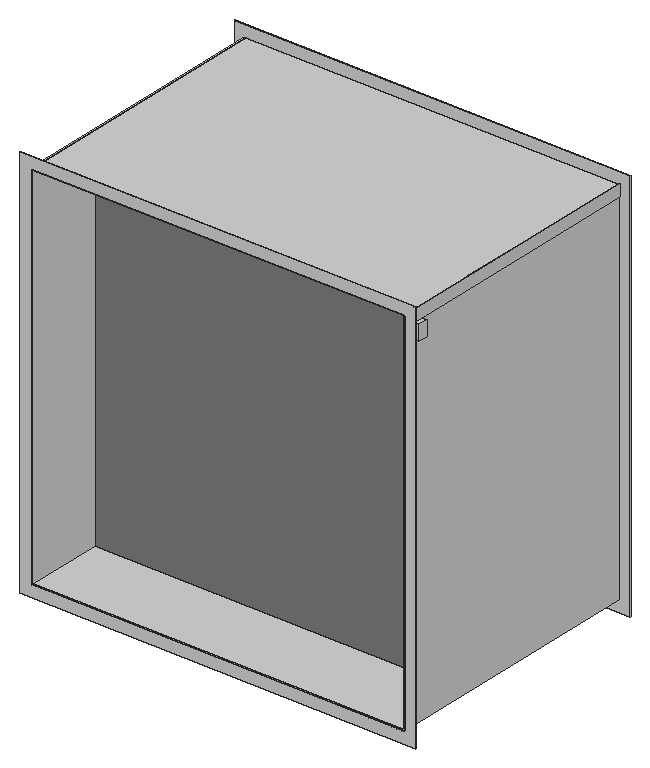
Revit family "НЕВАТОМ_Фильтр-бокс AxB FVK, Версия 2", category Арматура воздуховодов, Revit 2017
Family settings
  Размер круглого соединителя = Использовать диаметр
  Тип детали = Вставляется
  На основе рабочей плоскости = Нет
  Всегда вертикально = Нет
  При загрузке вырезать с полостями = Нет
  Общий = Нет
Parameters (values of type "ФИЛЬТР-БОКС FVK– 1000x1000–ОЦ.")
  НЕВАТОМ_Сменная касета = "FVK"  # constant formula
  Материал корпуса = Оцинкованная сталь
  t = 2 mm  # constant formula
  Nevatom_Частотный преобразователь = ""
  Nevatom_Регулятор расхода = ""
  Nevatom_URL = "https://t.me/NEVATOM_Bim_bot"
  Nevatom_ Для задания электроснабжения = ""
  ADSK_Размер_Ширина [instance] = 720 mm
  ADSK_Размер_Длина [instance] = 1000 mm
  ADSK_Размер_Высота [instance] = 1000 mm
  Фланец = 30 mm  # constant formula
  ADSK_Расход воздуха [instance] = 9000.0 m³/h
  ADSK_Примечание = ""
  ADSK_Позиция = ""
  ADSK_Наименование = "Фильтр-бокс FVK"  # constant formula
  ADSK_Материал наименование = "Оцинкованная сталь"  # constant formula
  ADSK_Масса_Текст = "кг"
  ADSK_Марка = "FVK– 1000x1000–ОЦ"
  ADSK_Количество = 1  # constant formula
  ADSK_Код изделия = ""
  ADSK_Завод-изготовитель = "НЕВАТОМ"  # constant formula
  ADSK_Единица измерения = "шт."
Types (12, lengths in mm): name | ADSK_Размер_Ширина | ADSK_Размер_Длина | ADSK_Размер_Высота | ADSK_Расход воздуха | ADSK_Марка
  (no name) | 720 | 1000 | 1000 | 9000.0 m³/h | "FVK– 1000x1000–ОЦ"
  ФИЛЬТР-БОКС FVK –300x150–ОЦ. | 450 | 300 | 150 | 400.0 m³/h | "FVK –300x150–ОЦ."
  ФИЛЬТР-БОКС FVK–400x200–ОЦ. | 450 | 400 | 200 | 720.0 m³/h | "FVK–400x200–ОЦ."
  ФИЛЬТР-БОКС FVK– 500x250–ОЦ. | 450 | 500 | 250 | 1100.0 m³/h | "FVK– 500x250–ОЦ."
  ФИЛЬТР-БОКС FVK –500x300–ОЦ. | 450 | 500 | 300 | 1300.0 m³/h | "FVK –500x300–ОЦ"
  ФИЛЬТР-БОКС FVK –600x300–ОЦ. | 450 | 600 | 300 | 1600.0 m³/h | "FVK –600x300–ОЦ."
  ФИЛЬТР-БОКС FVK –600x350–ОЦ. | 720 | 600 | 350 | 1800.0 m³/h | "FVK –600x350–ОЦ."
  ФИЛЬТР-БОКС FVK– 700x400–ОЦ. | 720 | 700 | 400 | 2500.0 m³/h | "FVK– 700x400–ОЦ."
  ФИЛЬТР-БОКС FVK– 800x500–ОЦ. | 720 | 800 | 500 | 3600.0 m³/h | "FVK– 800x500–ОЦ."
  ФИЛЬТР-БОКС FVK– 900x500–ОЦ. | 720 | 900 | 500 | 4000.0 m³/h | "FVK– 900x500–ОЦ."
  ФИЛЬТР-БОКС FVK– 1000x500–ОЦ. | 720 | 1000 | 500 | 4500.0 m³/h | "FVK– 1000x500–ОЦ."
  ФИЛЬТР-БОКС FVK– 1000x1000–ОЦ. | 720 | 1000 | 1000 | 9000.0 m³/h | "FVK– 1000x1000–ОЦ"
Reference planes
  plane 1 "По центру (Вперед/Назад)": y = 0
  plane 2: z = 0
  plane 3 "По центру (Влево/Вправо)": x = 0
  plane 4: z = 530
  plane 5: z = -530
  plane 6: x = 530
  plane 7: x = -530
  plane 8: z = 500
  plane 9: z = -500
  plane 10: x = 500
  plane 11: x = -500
  plane 12: y = -360
  plane 13: y = 360
Forms (mm)
  Extrusion 1, solid, material "Оцинкованная сталь"
    sketch origin (0, 0, 0) x (1, 0, 0) y (0, 0, 1)
      loop
        line (-530, 530) -> (-530, -530) -> (530, -530) -> (530, 530) -> (-530, 530)
      loop
        line (-500, 500) -> (-500, -500) -> (500, -500) -> (500, 500) -> (-500, 500)
    from 358 to 360
  Extrusion 2, solid, material "Оцинкованная сталь"
    sketch origin (0, 0, 0) x (1, 0, 0) y (0, 0, -1)
      loop
        line (-530, -530) -> (530, -530) -> (530, 530) -> (-530, 530) -> (-530, -530)
      loop
        line (-500, -500) -> (500, -500) -> (500, 500) -> (-500, 500) -> (-500, -500)
    from 358 to 360
  Extrusion 3, solid, material "Оцинкованная сталь"
    sketch origin (0, 0, 0) x (1, 0, 0) y (0, 0, 1)
      loop
        line (-500, 500) -> (-500, -500) -> (500, -500) -> (500, 500) -> (-500, 500)
      loop
        line (-498, 498) -> (-498, -498) -> (498, -498) -> (498, 498) -> (-498, 498)
    from -358 to 358
  Extrusion 4, solid, material "Оцинкованная сталь"
    sketch origin (0, 0, 0) x (1, 0, 0) y (0, 0, 1)
      loop
        line (500, 500) -> (500, 470) -> (502, 470) -> (502, 500) -> (500, 500)
    from -358 to 358
  Extrusion 5, solid, material "Оцинкованная сталь"
    sketch origin (0, 0, 0) x (-1, 0, 0) y (0, 0, -1)
      loop
        line (500, -500) -> (502, -500) -> (502, -470) -> (500, -470) -> (500, -500)
    from -358 to 358
  Extrusion 6, solid, material "По умолчанию"
    sketch origin (0, 0, 0) x (1, 0, 0) y (0, 0, 1)
      loop
        line (-498, 498) -> (-498, -498) -> (498, -498) -> (498, 498) -> (-498, 498)
    from -150 to 150
  Extrusion 7, solid, material "Оцинкованная сталь" <- "Материал корпуса"
    sketch origin (0, 0, 0) x (1, 0, 0) y (0, 0, 1)
      loop
        line (500, 470) -> (500, 430) -> (515, 430) -> (515, 470) -> (500, 470)
    from 305 to 330
  Extrusion 8, solid, material "Оцинкованная сталь" <- "Материал корпуса"
    sketch origin (0, 0, 0) x (-1, 0, 0) y (0, 0, -1)
      loop
        line (500, -470) -> (520, -470) -> (520, -430) -> (500, -430) -> (500, -470)
    from 305 to 330
Dimensions and locks
  equal spacing: plane 10, plane 3 "По центру (Влево/Вправо)", plane 11
  "Фланец": plane 6 to plane 10
  "Фланец": plane 11 to plane 7
  equal spacing: plane 8, level, plane 9
  "Фланец": plane 9 to plane 5
  "Фланец": plane 4 to plane 8
  equal spacing: plane 11, plane 3 "По центру (Влево/Вправо)", plane 10
  plane 11 to plane 10 = 1000 mm
  plane 10 to plane 6 = 30 mm
  plane 7 to plane 11 = 30 mm
  "ADSK_Размер_Длина": plane 10 to plane 11
  "ADSK_Размер_Высота": plane 8 to plane 9
  equal spacing: plane 13, plane 1 "По центру (Вперед/Назад)", plane 12
  "ADSK_Размер_Ширина": plane 13 to plane 12
  "t": plane 13 to Extrusion 2
  "t": Extrusion 1 to plane 12
  "t": plane 10 to Extrusion 3 sketch curve
  "t": plane 8 to Extrusion 3 sketch curve
  "t": Extrusion 3 sketch curve to plane 11
  "t": Extrusion 3 sketch curve to plane 9
  "t": Extrusion 4 sketch curve to plane 10
  "Фланец": plane 8 to Extrusion 4 sketch curve
  "t": plane 11 to Extrusion 5
  "Фланец": plane 8 to Extrusion 5
  equal spacing: Extrusion 6, plane 1 "По центру (Вперед/Назад)", Extrusion 6
  equal spacing: Extrusion 1, Extrusion 7 sketch curve, plane 10
  locked: Extrusion 7 sketch curve to Extrusion 7 sketch curve at 40
  locked: Extrusion 7 to plane 12 at 30
  locked: Extrusion 7 to Extrusion 7 at 25
  locked: Extrusion 8 sketch curve to Extrusion 8 sketch curve at 40
  locked: Extrusion 8 to Extrusion 8 at 25
  locked: Extrusion 8 to plane 12 at 30
  locked: Extrusion 6 to Extrusion 6 at 300
  aligned and locked: level to plane 2
  aligned and locked: plane 7 to Extrusion 1 sketch curve
  aligned and locked: plane 11 to Extrusion 1 sketch curve
  aligned and locked: Extrusion 1 sketch curve to plane 4
  aligned and locked: Extrusion 1 sketch curve to plane 8
  aligned and locked: Extrusion 1 sketch curve to plane 6
  aligned and locked: Extrusion 1 sketch curve to plane 10
  aligned and locked: plane 5 to Extrusion 1 sketch curve
  aligned and locked: plane 9 to Extrusion 1 sketch curve
  aligned and locked: Extrusion 1 to plane 12
  aligned and locked: Extrusion 2 to plane 13
  aligned and locked: Extrusion 3 sketch curve to Extrusion 1  (x4)
  aligned and locked: Extrusion 3 to Extrusion 1
  aligned and locked: Extrusion 3 to Extrusion 2
  aligned and locked: Extrusion 1 to Extrusion 4 sketch curve
  aligned and locked: Extrusion 4 sketch curve to Extrusion 1
  aligned and locked: plane 8 to Extrusion 5
  aligned and locked: plane 11 to Extrusion 5
  aligned and locked: Extrusion 5 to Extrusion 2
  aligned and locked: Extrusion 5 to Extrusion 1
  aligned and locked: Extrusion 4 to Extrusion 2
  aligned and locked: Extrusion 4 to Extrusion 1
  aligned and locked: Extrusion 3 to Extrusion 6 sketch curve  (x2)
  aligned and locked: Extrusion 6 sketch curve to Extrusion 3  (x2)
  aligned and locked: Extrusion 7 sketch curve to Extrusion 4
  aligned and locked: Extrusion 8 to Extrusion 5
Automatic sketch dimensions
  Extrusion 2 sketch curve to plane 5 = 0 mm
  Extrusion 2 sketch curve to plane 7 = 0 mm
  Extrusion 2 sketch curve to plane 8 = 0 mm
  Extrusion 2 sketch curve to plane 11 = 0 mm
  Extrusion 2 sketch curve to plane 10 = 0 mm
  Extrusion 2 sketch curve to plane 4 = 0 mm
  Extrusion 2 sketch curve to plane 6 = 0 mm
  Extrusion 2 sketch curve to plane 9 = 0 mm
  Extrusion 5 sketch curve to plane 11 = 0 mm
  Extrusion 5 sketch curve to plane 8 = 0 mm
  plane 11 to Extrusion 5 sketch curve = 2 mm
  plane 8 to Extrusion 5 sketch curve = 30 mm
  Extrusion 7 sketch curve to plane 10 = 0 mm
  Extrusion 8 sketch curve to plane 11 = 0 mm
  Extrusion 8 sketch curve to plane 7 = 10 mm
  plane 8 to Extrusion 8 sketch curve = 70 mm
Connectors
  hvac at (0, -360, 0), driven by "ADSK_Размер_Высота", driven by "ADSK_Размер_Длина"
    settings: on Extrusion 1, index 1, duct flow 0.0 m³/h, flow factor 0, pres drop 0.0 Pa, loss coef 0, conn angle 0.00°, conn width 1000 mm, conn height 1000 mm, conn diameter 609.6 mm, duct sys type 28, conn prof type 1, flow config 0, flow direction 0, loss method 0, conn ref index 2, conn util no, is conn primary yes, conn desc ""
  hvac at (0, 358, 0), driven by "ADSK_Размер_Высота", driven by "ADSK_Размер_Длина"
    settings: on Extrusion 2, index 2, duct flow 0.0 m³/h, flow factor 0, pres drop 0.0 Pa, loss coef 0, conn angle 0.00°, conn width 1000 mm, conn height 1000 mm, conn diameter 609.6 mm, duct sys type 28, conn prof type 1, flow config 0, flow direction 0, loss method 0, conn ref index 1, conn util no, is conn primary no, conn desc ""
